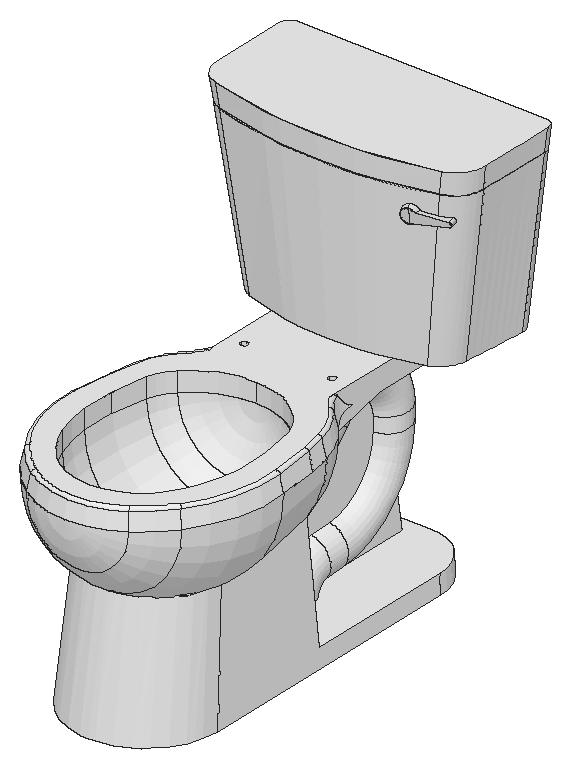
Revit family "Plumbing-Pressure-Assist-Water-Closet-Sloan-Valve-WETS-80098110_", category Plumbing Fixtures, host Face, Revit 2019 (continued)
Automatic sketch dimensions
  Extrusion 14 sketch curve to Extrusion 14 sketch curve = 3.98247"
  Extrusion 14 sketch curve to Extrusion 14 sketch curve = 0.39147"  (x2)
  Extrusion 14 sketch curve to Extrusion 14 sketch curve = 2.49844"
  Extrusion 14 sketch curve to Extrusion 14 sketch curve = 4.55398"
  Extrusion 14 sketch curve to Extrusion 14 sketch curve = 0.28975"  (x2)
  plane 7 to Extrusion 15 sketch curve = 15 3/4"
  Extrusion 15 sketch curve to Extrusion 15 sketch curve = 0.92653"
  Extrusion 15 sketch curve to plane 7 = 0.34835"
  Extrusion 15 sketch curve to Extrusion 15 sketch curve = 13 1/4"
  plane 7 to Revolve 16 sketch curve = 18.41431"
  Revolve 16 sketch curve to Revolve 16 sketch curve = 1.21427"
  Revolve 16 sketch curve to Revolve 16 sketch curve = 3.141"
  Revolve 16 sketch curve to Revolve 16 sketch curve = 0.55817"
  Revolve 16 sketch curve to Revolve 16 sketch curve = 4.78572"
  Revolve 16 sketch curve to Revolve 16 sketch curve = 1.12242"
  Revolve 16 sketch curve to Revolve 16 sketch curve = 1.54616"
  Revolve 16 sketch curve to Revolve 16 sketch curve = 1.91616"
  Revolve 16 sketch curve to Revolve 16 sketch curve = 0.22012"
  Revolve 16 sketch curve to Revolve 16 sketch curve = 2.15467"
  Revolve 16 sketch curve to Revolve 16 sketch curve = 4.85057"
  Revolve 16 sketch curve to Revolve 16 sketch curve = 4.53114"
  Revolve 16 sketch curve to Revolve 16 sketch curve = 0"  (x5)
  Revolve 16 sketch curve to Revolve 16 sketch curve = 2.34667"
  Revolve 16 sketch curve to Revolve 16 sketch curve = 1/2"
  Extrusion 17 sketch curve to Extrusion 17 sketch curve = 0"  (x12)
  plane 7 to Extrusion 17 sketch curve = 0"
  plane 7 to Extrusion 17 sketch curve = 6 1/128"  (x2)
  Extrusion 17 sketch curve to Extrusion 17 sketch curve = 1/4"
  Extrusion 17 sketch curve to Extrusion 17 sketch curve = 1/2"
  Extrusion 17 sketch curve to Extrusion 17 sketch curve = 1 3/4"  (x2)
  Extrusion 17 sketch curve to Extrusion 17 sketch curve = 8 3/8"
  Extrusion 17 sketch curve to Extrusion 17 sketch curve = 14 1/4"
  Extrusion 17 sketch curve to Extrusion 17 sketch curve = 1 1/4"
  Extrusion 17 sketch curve to plane 7 = 19.0791"
  plane 7 to Extrusion 18 sketch curve = 11 3/8"
  Extrusion 18 sketch curve to Extrusion 18 sketch curve = 6"
  Extrusion 18 sketch curve to Extrusion 18 sketch curve = 0"
  plane 11 to Blend 19 sketch curve = 23 1/2"
  Blend 19 sketch curve to Blend 19 sketch curve = 3 1/2"  (x2)
  Blend 19 sketch curve to Blend 19 sketch curve = 4 7/8"
  Blend 19 sketch curve to Blend 19 sketch curve = 2 3/4"
  plane 11 to Blend 19 sketch curve = 4 67/128"
  plane 11 to Blend 19 sketch curve = 22.25397"
  plane 11 to Blend 19 sketch curve = 1 3/128"
  Blend 19 sketch curve to Blend 19 sketch curve = 4 5/16"
  Blend 19 sketch curve to Blend 19 sketch curve = 1 5/8"
  plane 11 to Extrusion 20 sketch curve = 13.77953"
  Extrusion 20 sketch curve to Extrusion 20 sketch curve = 5.00662"
  Extrusion 20 sketch curve to Extrusion 20 sketch curve = 1.37144"
  Extrusion 20 sketch curve to Extrusion 20 sketch curve = 0.83072"
  plane 11 to Extrusion 20 sketch curve = 2.01421"
  plane 11 to Extrusion 20 sketch curve = 1.80632"
  Extrusion 20 sketch curve to Extrusion 20 sketch curve = 1.24829"
  Extrusion 20 sketch curve to Extrusion 20 sketch curve = 2.7937"
  plane 11 to Sweep 21 sketch curve = 16.44118"
  plane 11 to Sweep 21 sketch curve = 11 1/4"
  Sweep 21 sketch curve to Sweep 21 sketch curve = 1.57944"
  Sweep 21 sketch curve to Sweep 21 sketch curve = 1.66667"
  Sweep 21 sketch curve to Sweep 21 sketch curve = 1.22254"
  Sweep 21 sketch curve to Sweep 21 sketch curve = 1.50376"
  Sweep 21 sketch curve to Sweep 21 sketch curve = 2.37343"
  Sweep 21 sketch curve to Sweep 21 sketch curve = 3"
  Sweep 21 sketch curve to Sweep 21 sketch curve = 0.23912"
  Sweep 21 sketch curve to Sweep 21 sketch curve = 0.07881"
  Sweep 21 sketch curve to Sweep 21 sketch curve = 2.19457"
  Sweep 21 sketch curve to Sweep 21 sketch curve = 1.02691"
  Sweep 21 sketch curve to Sweep 21 sketch curve = 6.01869"
  Sweep 21 sketch curve to Sweep 21 sketch curve = 5.81653"
  Sweep 21 sketch curve to Sweep 21 sketch curve = 0.44425"
  Sweep 21 sketch curve to Sweep 21 sketch curve = 0"
  Sweep 21 sketch curve to Sweep 21 sketch curve = 1.19248"
  Sweep 21 sketch curve to profile plane = 0"  (x2)
  plane 11 to Extrusion 22 sketch curve = 25.07129"
  Extrusion 22 sketch curve to Extrusion 22 sketch curve = 6.25633"
  Extrusion 22 sketch curve to Extrusion 22 sketch curve = 0.50463"
  Extrusion 22 sketch curve to Extrusion 22 sketch curve = 7.2727"
  Extrusion 22 sketch curve to Extrusion 22 sketch curve = 1.99428"
  Extrusion 22 sketch curve to Extrusion 22 sketch curve = 1.03117"
  plane 11 to Extrusion 22 sketch curve = 2.02153"
  plane 11 to Extrusion 22 sketch curve = 1.93503"
  Extrusion 22 sketch curve to plane 11 = 12.09356"
  Extrusion 22 sketch curve to Extrusion 22 sketch curve = 3.6955"
  Extrusion 22 sketch curve to Extrusion 22 sketch curve = 5.768"
  Extrusion 22 sketch curve to Extrusion 22 sketch curve = 4 19/256"
  Extrusion 22 sketch curve to Extrusion 22 sketch curve = 4.71404"
  Extrusion 22 sketch curve to Extrusion 22 sketch curve = 3.46658"
  Extrusion 22 sketch curve to Extrusion 22 sketch curve = 0.2571"
  Extrusion 22 sketch curve to Extrusion 22 sketch curve = 0"
  plane 8 to Blend 23 sketch curve = 0.21467"
  plane 8 to Blend 23 sketch curve = 0.58558"
  plane 11 to Blend 23 sketch curve = 5/16"
  plane 8 to Blend 23 sketch curve = 0.96182"
  Blend 23 sketch curve to Blend 23 sketch curve = 1.99239"
  plane 8 to Blend 23 sketch curve = 7 15/16"
  plane 9 to Blend 23 sketch curve = 2.57797"
  plane 9 to Blend 23 sketch curve = 0.96182"
  plane 9 to Blend 23 sketch curve = 0.58558"
  plane 9 to Blend 23 sketch curve = 0.21467"
  Blend 23 sketch curve to Blend 23 sketch curve = 3/4"  (x2)
  Blend 23 sketch curve to Blend 23 sketch curve = 4.13053"  (x2)
  Blend 23 sketch curve to Blend 23 sketch curve = 0.17431"  (x2)
  Blend 23 sketch curve to plane 11 = 9.28691"
  Blend 23 sketch curve to Blend 23 sketch curve = 0"  (x2)
  plane 11 to Blend 23 sketch curve = 0"
  plane 11 to Blend 23 sketch curve = 6 1/128"  (x2)
  plane 11 to Blend 23 sketch curve = 3/4"  (x2)
  Blend 23 sketch curve to Blend 23 sketch curve = 2"
  Blend 23 sketch curve to Blend 23 sketch curve = 8 3/8"
  Blend 23 sketch curve to Blend 23 sketch curve = 14 1/4"
  Blend 23 sketch curve to Blend 23 sketch curve = 1 1/4"
  Blend 23 sketch curve to plane 11 = 19.0791"
  plane 11 to Revolve 24 sketch curve = 18.41431"
  Revolve 24 sketch curve to Revolve 24 sketch curve = 0.38226"
  Revolve 24 sketch curve to Revolve 24 sketch curve = 213/256"
  Revolve 24 sketch curve to Revolve 24 sketch curve = 0"  (x10)
  Revolve 24 sketch curve to Revolve 24 sketch curve = 1.55117"
  Revolve 24 sketch curve to Revolve 24 sketch curve = 0.52667"
  Revolve 24 sketch curve to Revolve 24 sketch curve = 1.06316"
  Revolve 24 sketch curve to Revolve 24 sketch curve = 0.55817"
  Revolve 24 sketch curve to Revolve 24 sketch curve = 4.78572"
  Revolve 24 sketch curve to Revolve 24 sketch curve = 17.76248"
  Revolve 24 sketch curve to Revolve 24 sketch curve = 1.12242"
  Revolve 24 sketch curve to Revolve 24 sketch curve = 1.54616"
  Revolve 24 sketch curve to Revolve 24 sketch curve = 1.91616"
  Revolve 24 sketch curve to Revolve 24 sketch curve = 0.22012"
  Revolve 24 sketch curve to Revolve 24 sketch curve = 0.002"
  Revolve 24 sketch curve to Revolve 24 sketch curve = 0.38996"
  Revolve 24 sketch curve to Revolve 24 sketch curve = 2.4971"
  Revolve 24 sketch curve to Revolve 24 sketch curve = 1.76271"
  Revolve 24 sketch curve to Revolve 24 sketch curve = 0.46147"
  Revolve 24 sketch curve to Revolve 24 sketch curve = 1.76813"
  Revolve 24 sketch curve to Revolve 24 sketch curve = 2.37097"
  Revolve 24 sketch curve to Revolve 24 sketch curve = 1.94676"
  Revolve 24 sketch curve to Revolve 24 sketch curve = 0.65231"
  Revolve 24 sketch curve to Revolve 24 sketch curve = 3.62883"
  Revolve 24 sketch curve to Revolve 24 sketch curve = 2.41279"
  Revolve 24 sketch curve to Revolve 24 sketch curve = 0.18389"
  Revolve 24 sketch curve to Revolve 24 sketch curve = 1/2"
  Extrusion 25 sketch curve to Extrusion 25 sketch curve = 0.67182"
  Extrusion 25 sketch curve to Extrusion 25 sketch curve = 1.77234"
  Extrusion 25 sketch curve to Extrusion 25 sketch curve = 1.545"  (x2)
  Extrusion 25 sketch curve to Extrusion 25 sketch curve = 93/128"
  Extrusion 25 sketch curve to Extrusion 25 sketch curve = 0.40828"
  Extrusion 25 sketch curve to Extrusion 25 sketch curve = 2.54228"
  Extrusion 25 sketch curve to Extrusion 25 sketch curve = 2.74948"
  Blend 26 sketch curve to Blend 26 sketch curve = 0.99706"
  Blend 26 sketch curve to Blend 26 sketch curve = 0.24541"
  Blend 26 sketch curve to Blend 26 sketch curve = 1 13/16"
  Blend 26 sketch curve to Blend 26 sketch curve = 0.37271"
  Blend 27 sketch curve to Blend 27 sketch curve = 1 13/16"  (x2)
  Blend 27 sketch curve to Blend 27 sketch curve = 0.37271"
  Blend 27 sketch curve to Blend 27 sketch curve = 1.15396"
  plane 11 to Sweep 28 sketch curve = 26.57715"
  Sweep 28 sketch curve to Sweep 28 sketch curve = 9.12902"
  Sweep 28 sketch curve to Sweep 28 sketch curve = 0.84594"
  Sweep 28 sketch curve to Sweep 28 sketch curve = 3.46596"
  Sweep 28 sketch curve to Sweep 28 sketch curve = 1.9345"
  Sweep 28 sketch curve to Sweep 28 sketch curve = 0.18533"
  Sweep 28 sketch curve to Sweep 28 sketch curve = 1.3913"
  Sweep 28 sketch curve to Sweep 28 sketch curve = 1.1687"
  Sweep 28 sketch curve to Sweep 28 sketch curve = 3.42714"
  Sweep 28 sketch curve to Sweep 28 sketch curve = 1.86098"
  Sweep 28 sketch curve to Sweep 28 sketch curve = 1.34254"
  Sweep 28 sketch curve to Sweep 28 sketch curve = 1.96082"
  Sweep 28 sketch curve to Sweep 28 sketch curve = 0"  (x3)
  Sweep 28 sketch curve to Sweep 28 sketch curve = 2.59819"
  Sweep 28 sketch curve to profile plane = 0"
  Sweep 28 sketch curve to profile plane = 0.99706"  (x2)
  Sweep 29 sketch curve to Sweep 29 sketch curve = 0"  (x10)
  Sweep 29 sketch curve to plane 10 = 0"  (x4)
  plane 10 to Sweep 29 sketch curve = 5.70094"  (x2)
  plane 11 to Sweep 29 sketch curve = 10.88962"
  Sweep 29 sketch curve to Sweep 29 sketch curve = 18.15103"  (x2)
  Sweep 29 sketch curve to Sweep 29 sketch curve = 4"  (x2)
  Sweep 29 sketch curve to Sweep 29 sketch curve = 2.01849"
  Sweep 29 sketch curve to Sweep 29 sketch curve = 0.52667"  (x2)
  Sweep 29 sketch curve to Sweep 29 sketch curve = 1.24583"
  Sweep 29 sketch curve to Sweep 29 sketch curve = 1.55117"  (x2)
  Sweep 29 sketch curve to Sweep 29 sketch curve = 1.66402"
  Sweep 29 sketch curve to Sweep 29 sketch curve = 3.26432"
  plane 10 to Sweep 29 sketch curve = 4.99179"
  Sweep 29 sketch curve to Sweep 29 sketch curve = 2.22418"
  Sweep 29 sketch curve to Sweep 29 sketch curve = 0.38996"  (x2)
  Sweep 29 sketch curve to Sweep 29 sketch curve = 3.913"
  Sweep 29 sketch curve to Sweep 29 sketch curve = 6.87238"
  Sweep 29 sketch curve to Sweep 29 sketch curve = 5.26793"
  Sweep 29 sketch curve to Sweep 29 sketch curve = 0.29604"  (x2)
  Sweep 29 sketch curve to Sweep 29 sketch curve = 4.31887"  (x2)
  Sweep 29 sketch curve to profile plane = 0"
  Sweep 29 sketch curve to profile plane = 0.25828"
  Sweep 29 sketch curve to Sweep 29 sketch curve = 0.24359"
  Sweep 29 sketch curve to profile plane = 0.71616"
  profile plane to Sweep 29 sketch curve = 14 3/16"
  Sweep 29 sketch curve to Sweep 29 sketch curve = 1 1/16"
  Sweep 29 sketch curve to Sweep 29 sketch curve = 0.05624"
  Extrusion 30 sketch curve to Extrusion 30 sketch curve = 0"  (x18)
  plane 11 to Extrusion 30 sketch curve = 21.08289"
  Extrusion 30 sketch curve to Extrusion 30 sketch curve = 4.78572"  (x2)
  Extrusion 30 sketch curve to Extrusion 30 sketch curve = 0.55817"  (x2)
  Extrusion 30 sketch curve to Extrusion 30 sketch curve = 1.92673"  (x2)
  Extrusion 30 sketch curve to Extrusion 30 sketch curve = 3.141"
  Extrusion 30 sketch curve to Extrusion 30 sketch curve = 1.21427"  (x2)
  Extrusion 30 sketch curve to Extrusion 30 sketch curve = 0.37"  (x2)
  Extrusion 30 sketch curve to Extrusion 30 sketch curve = 0.22012"  (x2)
  Extrusion 30 sketch curve to Extrusion 30 sketch curve = 2.15467"
  Extrusion 30 sketch curve to Extrusion 30 sketch curve = 2.13627"
  Extrusion 30 sketch curve to Extrusion 30 sketch curve = 1.12242"  (x2)
  Extrusion 30 sketch curve to Extrusion 30 sketch curve = 1.58443"
  Extrusion 30 sketch curve to Extrusion 30 sketch curve = 1.57431"  (x2)
  Extrusion 31 sketch curve to Extrusion 31 sketch curve = 0"  (x13)
  plane 11 to Extrusion 31 sketch curve = 23.57999"  (x2)
  plane 11 to Extrusion 31 sketch curve = 10.88962"
  Extrusion 31 sketch curve to Extrusion 31 sketch curve = 18.15103"  (x2)
  Extrusion 31 sketch curve to Extrusion 31 sketch curve = 4"  (x2)
  Extrusion 31 sketch curve to Extrusion 31 sketch curve = 2.01849"
  Extrusion 31 sketch curve to Extrusion 31 sketch curve = 0.52667"  (x2)
  Extrusion 31 sketch curve to Extrusion 31 sketch curve = 1.24583"
  Extrusion 31 sketch curve to Extrusion 31 sketch curve = 1.55117"  (x2)
  Extrusion 31 sketch curve to Extrusion 31 sketch curve = 1.66402"
  Extrusion 31 sketch curve to Extrusion 31 sketch curve = 3.26432"
  Extrusion 31 sketch curve to Extrusion 31 sketch curve = 13.39952"
  Extrusion 31 sketch curve to Extrusion 31 sketch curve = 2.22418"  (x2)
  Extrusion 31 sketch curve to Extrusion 31 sketch curve = 0.38996"  (x2)
  Extrusion 31 sketch curve to Extrusion 31 sketch curve = 3.913"
  Extrusion 31 sketch curve to Extrusion 31 sketch curve = 3.98247"
  Extrusion 31 sketch curve to Extrusion 31 sketch curve = 0.39147"  (x2)
  Extrusion 31 sketch curve to Extrusion 31 sketch curve = 2.49844"
  Extrusion 31 sketch curve to Extrusion 31 sketch curve = 4.55398"
  Extrusion 31 sketch curve to Extrusion 31 sketch curve = 0.28975"  (x2)
  plane 11 to Extrusion 32 sketch curve = 15 3/4"
  Extrusion 32 sketch curve to Extrusion 32 sketch curve = 0.92653"
  Extrusion 32 sketch curve to plane 11 = 0.34835"
  Extrusion 32 sketch curve to Extrusion 32 sketch curve = 13 1/4"
  plane 11 to Revolve 33 sketch curve = 18.41431"
  Revolve 33 sketch curve to Revolve 33 sketch curve = 1.21427"
  Revolve 33 sketch curve to Revolve 33 sketch curve = 3.141"
  Revolve 33 sketch curve to Revolve 33 sketch curve = 0.55817"
  Revolve 33 sketch curve to Revolve 33 sketch curve = 4.78572"
  Revolve 33 sketch curve to Revolve 33 sketch curve = 1.12242"
  Revolve 33 sketch curve to Revolve 33 sketch curve = 1.54616"
  Revolve 33 sketch curve to Revolve 33 sketch curve = 1.91616"
  Revolve 33 sketch curve to Revolve 33 sketch curve = 0.22012"
  Revolve 33 sketch curve to Revolve 33 sketch curve = 2.15467"
  Revolve 33 sketch curve to Revolve 33 sketch curve = 4.85057"
  Revolve 33 sketch curve to Revolve 33 sketch curve = 4.53114"
  Revolve 33 sketch curve to Revolve 33 sketch curve = 0"  (x5)
  Revolve 33 sketch curve to Revolve 33 sketch curve = 2.34667"
  Revolve 33 sketch curve to Revolve 33 sketch curve = 1/2"
  Extrusion 34 sketch curve to Extrusion 34 sketch curve = 0"  (x12)
  plane 11 to Extrusion 34 sketch curve = 0"
  plane 11 to Extrusion 34 sketch curve = 6 1/128"  (x2)
  Extrusion 34 sketch curve to Extrusion 34 sketch curve = 1/4"
  Extrusion 34 sketch curve to Extrusion 34 sketch curve = 1/2"
  Extrusion 34 sketch curve to Extrusion 34 sketch curve = 1 3/4"  (x2)
  Extrusion 34 sketch curve to Extrusion 34 sketch curve = 8 3/8"
  Extrusion 34 sketch curve to Extrusion 34 sketch curve = 14 1/4"
  Extrusion 34 sketch curve to Extrusion 34 sketch curve = 1 1/4"
  Extrusion 34 sketch curve to plane 11 = 19.0791"
  plane 11 to Extrusion 35 sketch curve = 11 3/8"
  Extrusion 35 sketch curve to Extrusion 35 sketch curve = 6"
  Extrusion 35 sketch curve to Extrusion 35 sketch curve = 0"
  Extrusion 36 sketch curve to Extrusion 36 sketch curve = 2.41998"
  Extrusion 36 sketch curve to Extrusion 36 sketch curve = 0.01099"
  Extrusion 36 sketch curve to Extrusion 36 sketch curve = 0.0192"
  Extrusion 36 sketch curve to Extrusion 36 sketch curve = 0.29949"
  Extrusion 36 sketch curve to Extrusion 36 sketch curve = 0.15636"
  Extrusion 36 sketch curve to Extrusion 36 sketch curve = 0.78299"
  Revolve 37 sketch curve to Revolve 37 sketch curve = 0.48262"
  Revolve 37 sketch curve to Revolve 37 sketch curve = 1/2"
  Revolve 37 sketch curve to Revolve 37 sketch curve = 0.15681"
  Revolve 37 sketch curve to Revolve 37 sketch curve = 0.02676"
  Revolve 37 sketch curve to Revolve 37 sketch curve = 0.66246"
  Revolve 37 sketch curve to Revolve 37 sketch curve = 0"  (x2)
  Revolve 37 sketch curve to Revolve 37 sketch curve = 0.11261"
  radius of Sweep 3 sketch curve = 1 1/2"
  radius of Extrusion 18 sketch curve = 1/4"  (x2)
  radius of Sweep 21 sketch curve = 1 1/2"
  radius of Extrusion 35 sketch curve = 1/4"  (x2)
Connectors
  piping at (-152.4, 0, 254), diameter 12.7, driven by "CWFU", driven by "Cold Water Connection Diameter", driven by "Cold Water Connector Description", driven by "Valve Pressure Drop"
    settings: on Extrusion 5, index 3, connector inside diameter 1/2", connector length 0", flow factor 0, pipe flow 0 GPM, pressure drop 0.00 psi, fitting loss kfactor 0, connector angle 0.00°, fixture units 10, engagement length 0", angle of deflection 0.00°, flow configuration 3, flow direction 1, fitting loss method 4, system type 20, joint type 0, gender type 0, connector reference index -1, connector utility 0, adjustable connector no, is connector primary yes, connector description "Cold Water Connector d1/2\""
  piping at (0, -304.8, 0), diameter 53.975, driven by "Sanitary Drain Connection Diameter", driven by "Sanitary Drain Connector Description", driven by "WFU"
    settings: on Sweep 3, index 4, connector inside diameter 24", connector length 0", flow factor 0, pipe flow 0 GPM, pressure drop 0.00 psi, fitting loss kfactor 0, connector angle 0.00°, fixture units 10, engagement length 0", angle of deflection 0.00°, flow configuration 3, flow direction 2, fitting loss method 0, system type 16, joint type 0, gender type 0, connector reference index -1, connector utility 0, adjustable connector no, is connector primary no, connector description "Sanitary Drain Connector d2 1/8\""
Types (3): name | Water Closet Code | Product Material | Part Number | Model | Description
  (no name) | "2108009" | Sloan Valve - Vitreous China - White | "80098110" | "WETS-8009.8110-BAA" | "Floor-Mounted 1.28 gpf (4.8 Lpf) 12\" Rough-in Pressure-Assisted/Tank Toilet."
  WETS-8009.8110-BAA | "2108009" | Sloan Valve - Vitreous China - White | "80098110" | "WETS-8009.8110-BAA" | "Floor-Mounted 1.28 gpf (4.8 Lpf) 12\" Rough-in Pressure-Assisted/Tank Toilet."
  WETS-8009.8110-STG | "2178009" | Sloan Valve - Vitreous China - SloanTec Glaze White | "WETS-8009.8110-STG" | "WETS-8009.8110-STG" | "Floor-Mounted 1.28 gpf (4.8 Lpf) 12\" Rough-in Pressure-Assisted/Tank Toilet with SloanTec® Glaze."
